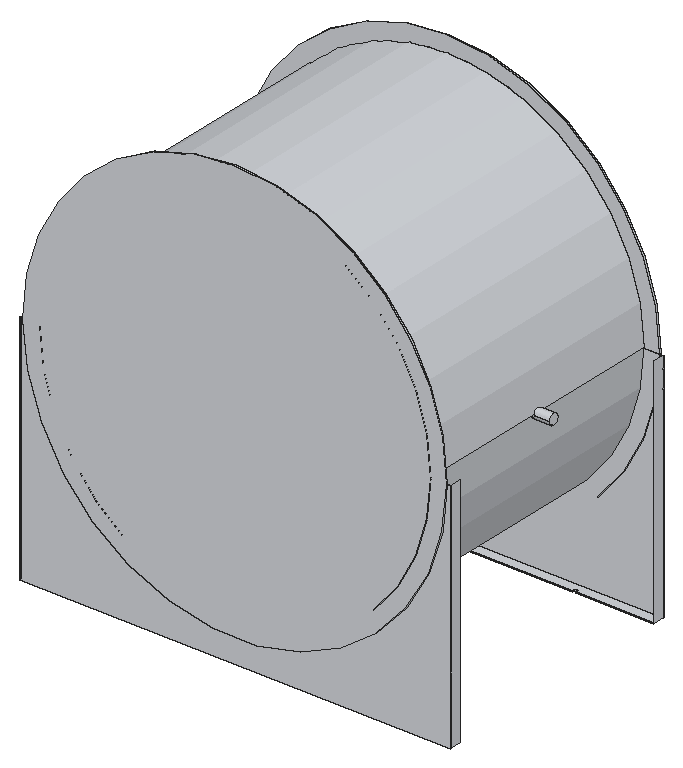
Revit family "AVAD_Horizontal_Floor_Mount", category Mechanical Equipment, Revit 2019
Family settings
  Round Connector Dimension = Use Radius
  Part Type = Normal
  Work Plane-Based = No
  Always vertical = Yes
  Cut with Voids When Loaded = No
  Shared = No
  Room Calculation Point = No
Parameters (values of type "79_AVAD_HOR_FLOOR")
  Unit Weight [instance] = ""
  P/2 = P / 2  # 0' - 0 3/8"
  P = 0' - 0 3/4"
  N = 2' - 3 3/8"
  ModelID [instance] = ""
  M/2 = M / 2  # 3' - 7 1/2"
  M = 7' - 3"
  K = 0' - 2 1/4"
  J/2 = J / 2  # 2' - 0 3/4"
  J = 4' - 1 1/2"
  L-(C/2) = L - (C / 2)  # 0' - 6 1/16"
  L = 3' - 11 1/2"
  H-(A/2) = H - (A / 2)  # 2' - 3 7/8"
  H+L = H + L  # 9' - 6 3/4"
  H = 5' - 7 1/4"
  Sones [instance] = ""
  Motor RPM [instance] = ""
  Motor Enclosure [instance] = ""
  LwA [instance] = ""
  G = 16' - 0"
  Fan RPM [instance] = ""
  F/2 = F / 2  # 0' - 0 11/32"
  F = 0' - 0 11/16"
  E/2 = E / 2  # 2' - 3"
  E-2" = E - 0' 2"  # 4' - 4"
  E = 4' - 6"
  C/2+L = C / 2 + L  # 7' - 4 15/16"
  C/2 = C / 2  # 3' - 5 7/16"
  C = 6' - 10 7/8"
  B/2 = B / 2  # 3' - 6 25/32"
  B = 7' - 1 9/16"
  Accessories [instance] = ""
  A/3 = A / 2.5  # 2' - 7 1/2"
  A/2 = A / 2  # 3' - 3 3/8"
  A = 6' - 6 3/4"
  60 = 60.00°  # constant formula
  30 = 30.00°  # constant formula
  3" = 0' - 3"  # constant formula
  Brake Hp [instance] = ""
  4" = 0' - 4"  # constant formula
  2' = 2' - 0"
  2" = 0' - 2"  # constant formula
  1" = 0' - 1"  # constant formula
  0 = 0' - 0"  # constant formula
  Voltage [instance] = 0 V
  URL = "www.lorencook.com"
  Type Comments = "Adjustable Pitch Vane Axial Horizontal Floor Mount Direct Drive Arrangement 4"  # constant formula
  Static Pressure [instance] = 0.00 in-wg
  Power [instance] = Voltage * Motor FLA * sqrt(if(Phase = 3, 3, 1))  # 0 VA
  Phase [instance] = 0
  Number of Poles [instance] = 1
  Motor Hp [instance] = "0"
  Motor FLA [instance] = 0 A
  Model = "AVAD"  # constant formula
  Manufacturer = "Loren Cook Company"
  CFM [instance] = 0 CFM
  1.5 = 0' - 1 1/2"  # constant formula
  ONE EIGTH = 0' - 0 1/8"  # constant formula
  -E/2 = -E / 2  # -2' - 3"
  -(E-.25")/2 = -(E - 0' 0 1/4") / 2  # -2' - 2 7/8"
  (H-(A/2))/2 = (H - (A / 2)) / 2  # 1' - 1 15/16"
  (E-.25")/2 = (E - 0' 0 1/4") / 2  # 2' - 2 7/8"
  (A+.25")/2 = (A + 0' 0 1/4") / 2  # 3' - 3 1/2"
Types (9): name | P/2 | P | N | M/2 | M | K | J/2 | J | L-(C/2) | L | H-(A/2) | H+L | H | G | F/2 | F | E/2 | E-2" | E | C/2+L | C/2 | C | B/2 | B | A/3 | A/2 | A | -E/2 | -(E-.25")/2 | (H-(A/2))/2 | (E-.25")/2 | (A+.25")/2
  (no name) | 0' - 0 3/8" | 0' - 0 3/4" | 2' - 3 3/8" | 3' - 7 1/2" | 7' - 3" | 0' - 2 1/4" | 2' - 0 3/4" | 4' - 1 1/2" | 0' - 6 1/16" | 3' - 11 1/2" | 2' - 3 7/8" | 9' - 6 3/4" | 5' - 7 1/4" | 16' - 0" | 0' - 0 11/32" | 0' - 0 11/16" | 2' - 3" | 4' - 4" | 4' - 6" | 7' - 4 15/16" | 3' - 5 7/16" | 6' - 10 7/8" | 3' - 6 25/32" | 7' - 1 9/16" | 2' - 7 1/2" | 3' - 3 3/8" | 6' - 6 3/4" | -2' - 3" | -2' - 2 7/8" | 1' - 1 15/16" | 2' - 2 7/8" | 3' - 3 1/2"
  35_AVAD_HOR_FLOOR | 0' - 0 5/16" | 0' - 0 5/8" | 1' - 0" | 1' - 8 1/2" | 3' - 5" | 0' - 1 5/8" | 1' - 1 3/8" | 2' - 2 3/4" | 0' - 4" | 1' - 11" | 1' - 5 3/8" | 4' - 10 1/8" | 2' - 11 1/8" | 12' - 0" | 0' - 0 9/32" | 0' - 0 9/16" | 1' - 3" | 2' - 4" | 2' - 6" | 3' - 6" | 1' - 7" | 3' - 2" | 1' - 7 15/16" | 3' - 3 7/8" | 1' - 2.2" | 1' - 5 3/4" | 2' - 11 1/2" | -1' - 3" | -1' - 2 7/8" | 0' - 8 11/16" | 1' - 2 7/8" | 1' - 5 7/8"
  39_AVAD_HOR_FLOOR | 0' - 0 5/16" | 0' - 0 5/8" | 1' - 1 3/8" | 1' - 10 1/2" | 3' - 9" | 0' - 1 3/4" | 1' - 1 1/4" | 2' - 2 1/2" | 0' - 5 1/16" | 2' - 2" | 1' - 5 7/16" | 5' - 3 1/8" | 3' - 1 1/8" | 12' - 0" | 0' - 0 9/32" | 0' - 0 9/16" | 1' - 3" | 2' - 4" | 2' - 6" | 3' - 10 15/16" | 1' - 8 15/16" | 3' - 5 7/8" | 1' - 9 31/32" | 3' - 7 15/16" | 1' - 3 3/4" | 1' - 7 11/16" | 3' - 3 3/8" | -1' - 3" | -1' - 2 7/8" | 0' - 8 23/32" | 1' - 2 7/8" | 1' - 7 13/16"
  44_AVAD_HOR_FLOOR | 0' - 0 5/16" | 0' - 0 5/8" | 1' - 3 3/8" | 2' - 1 1/2" | 4' - 3" | 0' - 1 3/4" | 1' - 3 1/4" | 2' - 6 1/2" | 0' - 4 13/16" | 2' - 4 1/2" | 1' - 8 9/16" | 5' - 11 1/8" | 3' - 6 5/8" | 12' - 0" | 0' - 0 9/32" | 0' - 0 9/16" | 1' - 5" | 2' - 8" | 2' - 10" | 4' - 4 3/16" | 1' - 11 11/16" | 3' - 11 3/8" | 2' - 0 13/16" | 4' - 1 5/8" | 1' - 5.65" | 1' - 10 1/16" | 3' - 8 1/8" | -1' - 5" | -1' - 4 7/8" | 0' - 10 9/32" | 1' - 4 7/8" | 1' - 10 3/16"
  49_AVAD_HOR_FLOOR | 0' - 0 5/16" | 0' - 0 5/8" | 1' - 5" | 2' - 4" | 4' - 8" | 0' - 1 3/4" | 1' - 3 1/4" | 2' - 6 1/2" | 0' - 5 1/4" | 2' - 7 1/2" | 1' - 6 15/16" | 6' - 3 1/16" | 3' - 7 9/16" | 12' - 0" | 0' - 0 9/32" | 0' - 0 9/16" | 1' - 5" | 2' - 8" | 2' - 10" | 4' - 9 3/4" | 2' - 2 1/4" | 4' - 4 1/2" | 2' - 3 3/8" | 4' - 6 3/4" | 1' - 7.7" | 2' - 0 5/8" | 4' - 1 1/4" | -1' - 5" | -1' - 4 7/8" | 0' - 9 15/32" | 1' - 4 7/8" | 2' - 0 3/4"
  57_AVAD_HOR_FLOOR | 0' - 0 5/16" | 0' - 0 5/8" | 1' - 9" | 2' - 10" | 5' - 8" | 0' - 1 3/4" | 1' - 7 1/4" | 3' - 2 1/2" | 0' - 3 1/16" | 2' - 9" | 1' - 4 1/16" | 6' - 5 5/8" | 3' - 8 5/8" | 12' - 0" | 0' - 0 9/32" | 0' - 0 9/16" | 1' - 9" | 3' - 4" | 3' - 6" | 5' - 2 15/16" | 2' - 5 15/16" | 4' - 11 7/8" | 2' - 7 5/16" | 5' - 2 5/8" | 1' - 10.85" | 2' - 4 9/16" | 4' - 9 1/8" | -1' - 9" | -1' - 8 7/8" | 0' - 8 1/32" | 1' - 8 7/8" | 2' - 4 11/16"
  63_AVAD_HOR_FLOOR | 0' - 0 3/8" | 0' - 0 3/4" | 1' - 9 5/8" | 2' - 11" | 5' - 10" | 0' - 1 3/4" | 1' - 7 1/4" | 3' - 2 1/2" | 0' - 6 7/8" | 3' - 4" | 1' - 3 1/4" | 7' - 2 3/4" | 3' - 10 3/4" | 16' - 0" | 0' - 0 11/32" | 0' - 0 11/16" | 1' - 9" | 3' - 4" | 3' - 6" | 6' - 1 1/8" | 2' - 9 1/8" | 5' - 6 1/4" | 2' - 10 1/4" | 5' - 8 1/2" | 2' - 1.2" | 2' - 7 1/2" | 5' - 3" | -1' - 9" | -1' - 8 7/8" | 0' - 7 5/8" | 1' - 8 7/8" | 2' - 7 5/8"
  71_AVAD_HOR_FLOOR | 0' - 0 3/8" | 0' - 0 3/4" | 2' - 0 3/8" | 3' - 3 1/4" | 6' - 6 1/2" | 0' - 2 1/4" | 2' - 0 3/4" | 4' - 1 1/2" | 0' - 6 1/2" | 3' - 8" | 2' - 4 13/16" | 9' - 0 1/4" | 5' - 4 1/4" | 16' - 0" | 0' - 0 11/32" | 0' - 0 11/16" | 2' - 3" | 4' - 4" | 4' - 6" | 6' - 9 1/2" | 3' - 1 1/2" | 6' - 3" | 3' - 2 13/16" | 6' - 5 5/8" | 2' - 4.35" | 2' - 11 7/16" | 5' - 10 7/8" | -2' - 3" | -2' - 2 7/8" | 1' - 2 13/32" | 2' - 2 7/8" | 2' - 11 9/16"
  79_AVAD_HOR_FLOOR | 0' - 0 3/8" | 0' - 0 3/4" | 2' - 3 3/8" | 3' - 7 1/2" | 7' - 3" | 0' - 2 1/4" | 2' - 0 3/4" | 4' - 1 1/2" | 0' - 6 1/16" | 3' - 11 1/2" | 2' - 3 7/8" | 9' - 6 3/4" | 5' - 7 1/4" | 16' - 0" | 0' - 0 11/32" | 0' - 0 11/16" | 2' - 3" | 4' - 4" | 4' - 6" | 7' - 4 15/16" | 3' - 5 7/16" | 6' - 10 7/8" | 3' - 6 25/32" | 7' - 1 9/16" | 2' - 7 1/2" | 3' - 3 3/8" | 6' - 6 3/4" | -2' - 3" | -2' - 2 7/8" | 1' - 1 15/16" | 2' - 2 7/8" | 3' - 3 1/2"
Reference planes (in)
  plane 1 "Center (Front/Back)": y = 0
  plane 2: z = 0
  plane 3 "Center (Left/Right)": x = 0.40541
Forms (in)
  Extrusion 1, solid
    sketch origin (0, 0, 0) x (1, 0, 0) y (0, 0, 1)
      loop
        circle (0.40541, 47.5) r 42.78125
    from 27 <- "E/2" to -27 <- "-E/2"
  Extrusion 2, void
    sketch origin (0, 0, 0) x (1, 0, 0) y (0, 0, 1)
      loop
        circle (0.40541, 47.5) r 42.78125
      loop
        circle (0.40541, 47.5) r 39.5
    from 26.875 <- "(E-.25")/2" to -26.875 <- "-(E-.25")/2"
  Extrusion 3, solid
    sketch origin (0, -27, 0) x (1, 0, 0) y (0, 0, 1)
      loop
        line (-39.09459, 47.5) -> (-43.09459, 47.5) -> (-43.09459, 0) -> (43.90541, 0) -> (43.90541, 47.5) -> (39.90541, 47.5)
        arc (39.90541, 47.5) -> (0.40541, 8) -> (-39.09459, 47.5) r 39.5
    from -0.25 to -0.125
  Extrusion 4, solid
    sketch origin (0, 26.875, 0) x (1, 0, 0) y (0, 0, 1)
      loop
        line (-39.09459, 47.5) -> (-43.09459, 47.5) -> (-43.09459, 0) -> (43.90541, 0) -> (43.90541, 47.5) -> (39.90541, 47.5)
        arc (39.90541, 47.5) -> (0.40541, 8) -> (-39.09459, 47.5) r 39.5
    from 0 to 0.125
  Extrusion 5, solid
    sketch origin (0, 26.875, 0) x (-1, 0, 0) y (0, 0, 1)
      loop
        line (-43.90541, 47.5) -> (-43.90541, 0) -> (43.09459, 0) -> (43.09459, 47.5) -> (42.96959, 47.5) -> (42.96959, 0.125) -> (-43.78041, 0.125) -> (-43.78041, 47.5) -> (-43.90541, 47.5)
    from -0.125 to -2.375
  Extrusion 6, solid
    sketch origin (0, -26.875, 0) x (1, 0, 0) y (0, 0, 1)
      loop
        line (-43.09459, 47.5) -> (-43.09459, 0) -> (43.90541, 0) -> (43.90541, 47.5) -> (43.78041, 47.5) -> (43.78041, 0.125) -> (-42.96959, 0.125) -> (-42.96959, 47.5) -> (-43.09459, 47.5)
    from -0.125 to -2.375
  Extrusion 7, void
    sketch origin (0, 0, 0) x (1, 0, 0) y (0, 1, 0)
      loop
        circle (-26.96959, 24.75) r 0.375
      loop
        circle (27.78041, 24.75) r 0.375
      loop
        circle (27.78041, -24.75) r 0.375
      loop
        circle (-26.96959, -24.75) r 0.375
    from 0 to 0.125
  Extrusion 8, solid
    sketch origin (0.40541, 0, 0) x (0, 1, 0) y (0, 0, 1)
      loop
        circle (0, 47.5) r 1
    from 0 to 42.78125 <- "B/2"
Cuts and joins
  Extrusion 2 cuts Extrusion 1
  Extrusion 7 cuts Extrusion 5
  Extrusion 7 cuts Extrusion 6
Dimensions and locks (in)
  "0": Extrusion 1 sketch curve to plane 3 "Center (Left/Right)"
  "L": Extrusion 1 sketch curve to level
  "0": Extrusion 2 sketch curve to plane 3 "Center (Left/Right)"  (x2)
  "L": Extrusion 2 sketch curve to level  (x2)
  "L": Extrusion 3 sketch curve to level  (x4)
  "0": Extrusion 3 sketch curve to plane 3 "Center (Left/Right)"
  "M/2": Extrusion 3 sketch curve to plane 3 "Center (Left/Right)"  (x2)
  "L": level to Extrusion 4 sketch curve
  "0": Extrusion 4 sketch curve to plane 3 "Center (Left/Right)"
  "0": Extrusion 4 sketch curve to level
  "0": Extrusion 4 sketch curve to Extrusion 3  (x3)
  "0": level to Extrusion 5 sketch curve
  "ONE EIGTH": level to Extrusion 5 sketch curve
  "ONE EIGTH": Extrusion 5 sketch curve to Extrusion 5 sketch curve  (x2)
  "0": Extrusion 5 sketch curve to Extrusion 4
  "0": Extrusion 4 to Extrusion 5 sketch curve  (x2)
  "ONE EIGTH": Extrusion 6 sketch curve to Extrusion 6 sketch curve  (x2)
  "ONE EIGTH": Extrusion 6 sketch curve to level
  "0": Extrusion 6 sketch curve to level
  "0": Extrusion 6 sketch curve to Extrusion 3  (x2)
  "0": Extrusion 3 to Extrusion 6 sketch curve
  "M/2": Extrusion 5 sketch curve to plane 3 "Center (Left/Right)"
  "J/2": plane 1 "Center (Front/Back)" to Extrusion 7 sketch curve  (x4)
  "N": Extrusion 7 sketch curve to plane 3 "Center (Left/Right)"  (x4)
  "0": Extrusion 3 sketch curve to level
  "L": Extrusion 6 sketch curve to level
  "0": plane 1 "Center (Front/Back)" to Extrusion 8 sketch curve
  "L": Extrusion 8 sketch curve to level
  "B/2": radius of Extrusion 1 sketch curve
  "(A+.25")/2": radius of Extrusion 2 sketch curve
  "B/2": radius of Extrusion 2 sketch curve
  "(A+.25")/2": radius of Extrusion 3 sketch curve
  "(A+.25")/2": radius of Extrusion 4 sketch curve
  "P/2": radius of Extrusion 7 sketch curve  (x4)
  "1"": radius of Extrusion 8 sketch curve
Connectors (in)
  hvac at (0.40541, -27, 47.5), driven by "A/2"
    settings: on cut or joined group of Extrusion 1, Extrusion 2, index 2, duct flow 0 CFM, flow factor 0, pres drop 0.00 in-wg, loss coef 0, conn angle 0.00°, conn width 12", conn height 12", conn diameter 78 3/4", duct sys type 29, conn prof type 0, flow config 0, flow direction 2, loss method 0, conn ref index -1, conn util no, is conn primary yes, conn desc ""
  hvac at (0.40541, 27, 47.5), driven by "A/2"
    settings: on cut or joined group of Extrusion 1, Extrusion 2, index 3, duct flow 0 CFM, flow factor 0, pres drop 0.00 in-wg, loss coef 0, conn angle 0.00°, conn width 12", conn height 12", conn diameter 78 3/4", duct sys type 29, conn prof type 0, flow config 0, flow direction 1, loss method 0, conn ref index -1, conn util no, is conn primary no, conn desc ""
  electrical at (43.18666, 0, 47.5)
    settings: on Extrusion 8, index 4, voltage 0 V, apparent load 0 VA, apparent load phase1 0 VA, apparent load phase2 0 VA, apparent load phase3 0 VA, power factor 1, load classification "Other", number of poles 1, system type 30, power factor state 1, is connector primary yes, connector utility no, sub classification motor no, connector description ""
